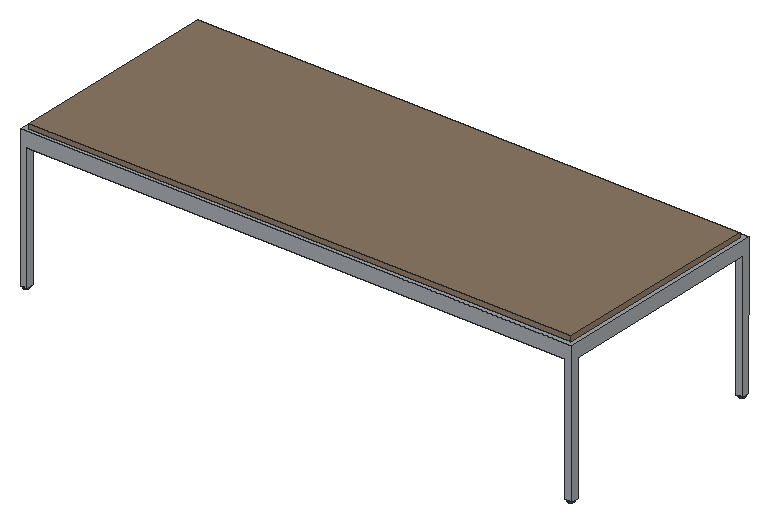
Revit family
Parameters
  URL = "http://www.martinbrattrud.com"
  Table Top [instance] = none
  SCS Certified Product = "Yes"
  Model = "Braemar 784-60RL"
  Manufacturer = "Martin Brattrud, Inc."
  Leg [instance] = none
  Keynote = "125000"
  Foot [instance] = none
  Copyright = "© 2013 Martin Brattrud, Inc."
  Authoring Version = "Revit Architecture 2010"
  Assembly Code = "E2020200"
Reference planes (in)
  plane 1 "Center Front/Back": y = 0
  plane 2: z = 0
  plane 3 "Center Left/Right": x = 0
Forms (in)
  Extrusion 1, solid, material <- "Table Top"
    sketch origin (0, 0, 0) x (1, 0, 0) y (0, 1, 0)
      loop
        line (-29.5, 11.5) -> (-29.5, -11.5) -> (29.5, -11.5) -> (29.5, 11.5) -> (-29.5, 11.5)
    from 15.5 to 16
  Extrusion 2, solid, material <- "Leg"
    sketch origin (0, 0.0625, 0) x (1, 0, 0) y (0, 1, 0)
      loop
        line (29.25, 11.1875) -> (-29.25, 11.1875) -> (-29.25, -11.3125) -> (29.25, -11.3125) -> (29.25, 11.1875)
    from 14.99581 to 15.5
  Extrusion 3, solid, material <- "Leg"
    sketch origin (0, 0.0625, 0) x (0, 1, 0) y (0, 0, 1)
      loop
        line (11.9375, 15.5) -> (11.1875, 15.5) -> (11.1875, 13.975) -> (11.9375, 13.975) -> (11.9375, 15.5)
      loop
        line (-12.0625, 15.5) -> (-12.0625, 13.975) -> (-11.3125, 13.975) -> (-11.3125, 15.5) -> (-12.0625, 15.5)
    from -29.25 to 29.5
  Revolve 4, solid, material <- "Foot"
    sketch origin (-29.62344, 7.25493, 47.97762) x (0, -1, 0) y (0, 0, -1)
      loop
        line (19.00198, 48) -> (18.8767, 48) -> (18.8767, 47.75) -> (19.2517, 47.75)
        arc (19.2517, 47.75) -> (19.17858, 47.92668) -> (19.00198, 48) r 0.25
      axis (18.8767, 48) -> (18.8767, 47.75)
    angle from 0 to 360
  Extrusion 5, solid, material <- "Leg"
    sketch origin (9, 0.0625, 0) x (0, 1, 0) y (0, 0, 1)
      loop
        line (11.9375, 0.25) -> (11.9375, 15.5) -> (-12.0625, 15.5) -> (-12.0625, 0.25) -> (-11.3125, 0.25) -> (-11.3125, 13.975) -> (11.1875, 13.975) -> (11.1875, 0.25) -> (11.9375, 0.25)
    from 20.25 to 21
  Extrusion 6, solid, material <- "Leg"
    sketch origin (-9, 0.0625, 0) x (0, 1, 0) y (0, 0, -1)
      loop
        line (11.9375, -0.25) -> (11.1875, -0.25) -> (11.1875, -13.975) -> (-11.3125, -13.975) -> (-11.3125, -0.25) -> (-12.0625, -0.25) -> (-12.0625, -15.5) -> (11.9375, -15.5) -> (11.9375, -0.25)
    from 20.25 to 21
  Revolve 7, solid, material <- "Foot"
    sketch origin (-29.62344, -7.25493, 47.97762) x (0, 1, 0) y (0, 0, 1)
      loop
        arc (19.00198, -48) -> (19.17858, -47.92668) -> (19.2517, -47.75) r 0.25
        line (19.2517, -47.75) -> (18.8767, -47.75) -> (18.8767, -48) -> (19.00198, -48)
      axis (18.8767, -48) -> (18.8767, -47.75)
    angle from 0 to 360
  Revolve 8, solid, material <- "Foot"
    sketch origin (29.62344, 7.25493, 47.97762) x (0, -1, 0) y (0, 0, 1)
      loop
        arc (19.00198, -48) -> (19.17858, -47.92668) -> (19.2517, -47.75) r 0.25
        line (19.2517, -47.75) -> (18.8767, -47.75) -> (18.8767, -48) -> (19.00198, -48)
      axis (18.8767, -48) -> (18.8767, -47.75)
    angle from 0 to 360
  Revolve 9, solid, material <- "Foot"
    sketch origin (29.62344, -7.25493, 47.97762) x (0, 1, 0) y (0, 0, -1)
      loop
        line (19.00198, 48) -> (18.8767, 48) -> (18.8767, 47.75) -> (19.2517, 47.75)
        arc (19.2517, 47.75) -> (19.17858, 47.92668) -> (19.00198, 48) r 0.25
      axis (18.8767, 48) -> (18.8767, 47.75)
    angle from 0 to 360
Cuts and joins
  joined: Extrusion 2, Extrusion 3, Extrusion 5, Extrusion 6
